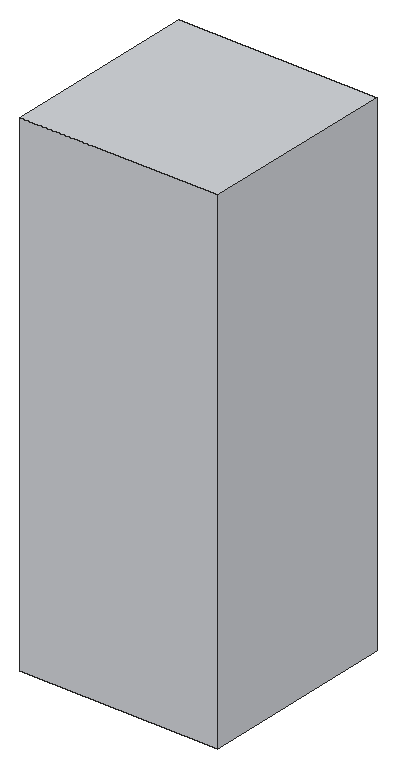
Revit family "SCADA_機櫃_GEN-RJ45-PP-01", category 電氣設備, Revit 2025
Family settings
  面板規劃 = 兩欄，回路穿越
  圓形接點標註 = 使用直徑
  組件類型 = 分電盤
  OmniClass 編號 = 23.80.30.11.17
  OmniClass 標題 = Distribution Boards and Control Panels
  以工作平面為基礎 = 否
  總是垂直 = 是
  載入時使用空心切割 = 否
  維持標註方位 = 否
  共用 = 否
  房間計算點 = 否
Parameters (values of type "RJ45跳線架")
  built-in parameter 1155100 [instance] = -1
  Default Elevation = 0 mm
  built-in parameter 1140142 [instance] = -1
  SCADA_高mm [instance] = "1500"
  SCADA_附錄F項次 [instance] = "無"
  SCADA_附錄D項次 [instance] = "無（SoW 附錄 D 未列）"
  SCADA_編號 [instance] = "GEN-RJ45-PP-01"
  SCADA_站點 [instance] = "待確認"
  SCADA_深mm [instance] = "600"
  SCADA_機櫃類型 [instance] = "RJ45跳線架"
  SCADA_期別 [instance] = "待確認"
  SCADA_房間 [instance] = "待確認"
  SCADA_建物 [instance] = "待確認"
  SCADA_尺寸 [instance] = "600W×600D×1500H"
  SCADA_寬mm [instance] = "600"
  SCADA_定位來源 [instance] = "獨立設備族群（載入專案後定位）"
  SCADA_備註 [instance] = "暫定規格，站點與放置位置待確認；編號為暫訂"
  SCADA_來源文件 [instance] = "使用者指示：暫定規格 600×600×1500 mm（長×寬×高）"
  SCADA_UPS電源110V [instance] = "無"
  built-in parameter 1140140 [instance] = 1 (stored number, unit not read)
Reference planes
  plane 1 "中心 (前/後)": y = 0
  plane 2: z = 0
  plane 3 "中心 (左/右)": x = 0
Forms (mm)
  Extrusion 1, solid
    sketch origin (0, 0, 0) x (1, 0, 0) y (0, 1, 0)
      loop
        line (-300, -300) -> (300, -300) -> (300, 300) -> (-300, 300) -> (-300, -300)
    from 0 to 1500
Lines and regions (mm)
  model lines, style "開門線"
    curve 1: line (300, -300, 0) -> (300, -900, 0)
    curve 2: arc (-300, -300, 0) -> (-124.264, -724.264, 0) -> (300, -900, 0) r 600
    curve 3: line (-300, 300, 0) -> (-300, 900, 0)
    curve 4: arc (300, 300, 0) -> (124.264, 724.264, 0) -> (-300, 900, 0) r 600
Dimensions and locks
  aligned and locked: level to plane 2
